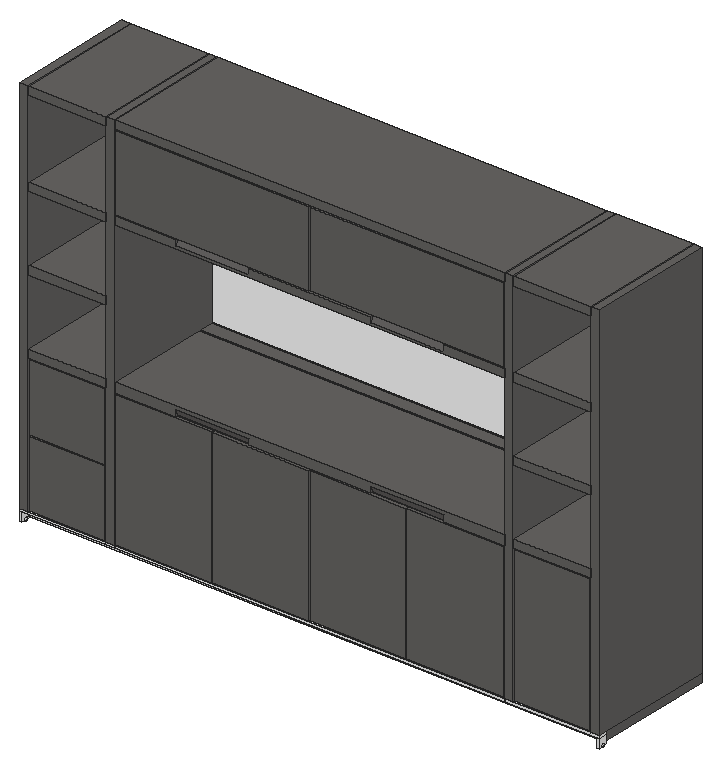
Revit family "Storage-Wall-Teknion-ZXDS_74_High_With_Lights-R2011", category Furniture Systems, Revit 2013
Parameters (values of type "(See Type Catalog)")
  Working Wall Finish [instance] = Glass - Teknion - K6 - White Backpainted
  Width = 108 105/128"
  Warranty = "http://www.teknionstudio.com/pdfs/Teknion%20Studio%20Warranty.pdf"
  Wall Unit Finish [instance] = Veneer - Teknion - P7 - Grey Oak
  Voltage = 120 V
  Unit Weight = 740.00 lbf
  URL = "www.teknionstudio.com"
  Left Tabletop Cutout Offset = if(Has Left Double Doors, 0", 4")  # 0"
  Right Tabletop Cutout Offset = if(Has Right Double Doors, 0", 5")  # 0"
  Right Storage Tower = Storage-Unit-Teknion-Tower : Upper Shelves & Lower Door
  Left Storage Tower = Storage-Unit-Teknion-Tower : Upper Shelves & File/File Pedestal
  Series = "B&B Italia"
  Product Page URL = "http://www.teknionstudio.com/acexecutive/"
  Product Line = "AC Executive"
  Product Documentation Link = "http://www.teknionstudio.com/pricing/ac_executive_storage_walls_ppg.pdf"
  Power Factor = 1
  Part Number = "ZXDS"
  Number of Poles = 1
  Model = ""
  Manufacturer Phone = "919-464-2920"
  Manufacturer Fax = "919-464-2927"
  Manufacturer Email = "customersupport@teknionstudio.com"
  Manufacturer Address = "3940 US 70 Business HWY West, Clayton, NC 27520"
  Manufacturer = "Teknion Studio"  # constant formula
  Low Emitting Material = yes
  Low Emitting Finish = yes
  Height = 73.81394"
  Has Right File File Drawers = not(Has Right Double Doors)  # no
  Has Right Double Doors = yes
  Has Left File File Drawers = not(Has Left Double Doors)  # no
  Has Left Double Doors = yes
  Description = ""
  Depth = 24"
  Assembly Code = "E2020200"
  Apparent Load = 22.8 VA
Reference planes (in)
  plane 1 "Center F/B": y = 0
  plane 2: z = 0
  plane 3 "Back": y = 12
  plane 4 "Front": y = -12
  plane 5 "Top": z = 73.81394
  plane 6: x = 28.60504
  plane 7: z = 29.68402
  plane 8: z = 56.1289
  plane 9: x = -44.78207
  plane 10: z = 2.1289
  plane 11 "Center L/R": x = -8.08858
  plane 12 "Foot Centerline": y = -11.2126
  plane 13 "Tabletop Cutout": y = -12
  plane 14 "Foot Centerline Front": y = -10.22835
  plane 15 "Foot Centerline Back": y = 10.22835
  plane 16: y = -8.484
  plane 17 "Left": x = -62.49874
  plane 18 "Right": x = 46.32157
  plane 19: y = -12
Forms (in)
  Sweep 1, solid, material "Metal - Teknion - C6 - Chrome"
    path origin (0, 0, 0) x (1, 0, 0) y (0, 0, 1)
      loop
        line (-44.78207, 2.1289) -> (28.60504, 2.1289)
    profile origin (-8.08852, 0, 2.1289) x (0, 0, 1) y (0, -1, 0)
      loop
        line (0, 12) -> (-0.394, 12) -> (-0.394, 10.4252) -> (0, 10.4252) -> (0, 12)
  Sweep 2, solid, material "Metal - Teknion - C6 - Chrome"
    path origin (0, 0, 0) x (1, 0, 0) y (0, 0, 1)
      loop
        line (-44.78207, 2.1289) -> (28.60504, 2.1289)
    profile origin (-8.08852, 0, 2.1289) x (0, 0, 1) y (0, -1, 0)
      loop
        line (-0.394, 10.6222) -> (-1.5748, 10.6222) -> (-1.5748, 10.4252) -> (-0.394, 10.4252) -> (-0.394, 10.6222)
  Sweep 3, solid, material "Veneer - Teknion - P7 - Grey Oak" <- "Wall Unit Finish"
    path origin (0, 0, 0) x (1, 0, 0) y (0, 0, 1)
      loop
        line (-44.78207, 29.68402) -> (28.60504, 29.68402)
    profile origin (-8.08852, 0, 29.68402) x (0, 0, 1) y (0, -1, 0)
      loop
        line (0, 12) -> (-1.7638, 12) -> (-1.7638, -7.11393) -> (-5.30827, -7.11393) -> (-5.30827, -11.25) -> (-29.0945, -11.25) -> (-29.0945, -12) -> (44.12992, -12) -> (44.12992, 12) -> (42.59022, 12) -> (42.59022, 11.2126) -> (27.98392, 11.2126) -> (27.98392, 12) -> (26.44488, 12) -> (26.44488, -10.94094) -> (0, -10.94094) -> (0, -10.90969) -> (-0.72441, -10.90969) -> (-0.72441, -10.56693) -> (0, -10.56693) -> (0, -8.05709) -> (-0.72441, -8.05709) -> (-0.72441, -7.80709) -> (0, -7.80709) -> (0, 12)
  Sweep 4, solid, material "Veneer - Teknion - P7 - Grey Oak" <- "Wall Unit Finish"
    path origin (0, 0, 0) x (1, 0, 0) y (0, 0, 1)
      loop
        line (-44.78207, 29.68402) -> (28.60504, 29.68402)
    profile origin (-8.08852, 0, 29.68402) x (0, 0, 1) y (0, -1, 0)
      loop
        line (-1.7638, 11.27559) -> (-27.55512, 11.27559) -> (-27.55512, 10.4252) -> (-29.0945, 10.4252) -> (-29.0945, -11.25) -> (-1.7638, -11.25) -> (-1.7638, 11.27559)
  Sweep 5, solid, material "Veneer - Teknion - P7 - Grey Oak" <- "Wall Unit Finish"
    path origin (0, 0, 15.40683) x (-1, 0, 0) y (0, -1, 0)
      loop
        line (16.17717, 12) -> (16.17717, 11.276)
    profile origin (-16.17717, -11.638, 15.40683) x (-1, 0, 0) y (0, 0, 1)
      loop
        line (28.35376, 42.5111) -> (28.35376, 56.6174) -> (-7.96416, 56.6174) -> (-7.96416, 42.5111) -> (28.35376, 42.5111)
      loop
        line (-8.21416, 56.6174) -> (-44.5322, 56.6174) -> (-44.5322, 42.5111) -> (-8.21416, 42.5111) -> (-8.21416, 56.6174)
  Sweep 6, solid, material "Veneer - Teknion - P7 - Grey Oak" <- "Wall Unit Finish", visible <- "Has Right Double Doors"
    path origin (0, 0, 15.40683) x (-1, 0, 0) y (0, -1, 0)
      loop
        line (16.17717, 12) -> (16.17717, 11.276)
    profile origin (-16.17717, -11.638, 15.40683) x (-1, 0, 0) y (0, 0, 1)
      loop
        line (-44.5322, 12.26339) -> (-44.5322, -13.03482) -> (-26.41531, -13.03482) -> (-26.41531, 12.26339) -> (-44.5322, 12.26339)
      loop
        line (-26.16531, 12.26339) -> (-26.16531, -13.03482) -> (-8.21358, -13.03482) -> (-8.21358, 12.26339) -> (-26.16531, 12.26339)
  Sweep 7, solid, material "Veneer - Teknion - P7 - Grey Oak" <- "Wall Unit Finish", visible <- "Has Right File File Drawers"
    path origin (0, 0, 15.40683) x (-1, 0, 0) y (0, -1, 0)
      loop
        line (16.17717, 12) -> (16.17717, 11.276)
    profile origin (-16.17717, -11.638, 15.40683) x (-1, 0, 0) y (0, 0, 1)
      loop
        line (-44.5315, 12.26339) -> (-44.5315, 0.01144) -> (-8.21358, 0.01144) -> (-8.21358, 12.26339) -> (-44.5315, 12.26339)
      loop
        line (-8.21358, -0.77597) -> (-44.5315, -0.77597) -> (-44.5315, -13.03482) -> (-8.21358, -13.03482) -> (-8.21358, -0.77597)
  Sweep 8, void
    path origin (0, 0, 0) x (1, 0, 0) y (0, 0, 1)
      loop
        line (3.34896, 29.68402) -> (17.12848, 29.68402)
    profile origin (10.23872, 0, 29.68402) x (0, 0, 1) y (0, -1, 0)
      loop
        line (-1.7638, 12) -> (-1.7638, 11.52756) -> (-0.66143, 12) -> (-1.7638, 12)
  Sweep 9, void
    path origin (0, 0, 0) x (1, 0, 0) y (0, 0, 1)
      loop
        line (-33.3248, 56.1289) -> (-19.54528, 56.1289)
    profile origin (-26.43504, 0, 56.1289) x (0, 0, 1) y (0, -1, 0)
      loop
        line (1.53937, 12) -> (0.43699, 12) -> (1.53937, 11.52755) -> (1.53937, 12)
  Sweep 10, void
    path origin (0, 0, 0) x (1, 0, 0) y (0, 0, 1)
      loop
        line (3.36811, 56.1289) -> (17.14764, 56.1289)
    profile origin (10.25787, 0, 56.1289) x (0, 0, 1) y (0, -1, 0)
      loop
        line (1.53937, 11.52755) -> (1.53937, 12) -> (0.43699, 12) -> (1.53937, 11.52755)
  Sweep 11, void
    path origin (0, 0, 0) x (1, 0, 0) y (0, 1, 0)
      loop
        line (-8.08858, 12) -> (-8.08858, 11.25)
    profile origin (-8.08858, 11.625, 0) x (1, 0, 0) y (0, 0, 1)
      loop
        line (32.75666, 25.86173) -> (32.75666, 26.43423)
        arc (32.75666, 26.43423) -> (32.58092, 26.8585) -> (32.15666, 27.03423) r 0.6
        line (32.15666, 27.03423) -> (30.40353, 27.03423)
        arc (30.40353, 27.03423) -> (29.97927, 26.8585) -> (29.80353, 26.43423) r 0.6
        line (29.80353, 26.43423) -> (29.80353, 25.86173)
        arc (29.80353, 25.86173) -> (29.97927, 25.43747) -> (30.40353, 25.26173) r 0.6
        line (30.40353, 25.26173) -> (32.15666, 25.26173)
        arc (32.15666, 25.26173) -> (32.58092, 25.43747) -> (32.75666, 25.86173) r 0.6
      loop
        line (32.75666, 4.2289) -> (32.75666, 4.8014)
        arc (32.75666, 4.8014) -> (32.58092, 5.22566) -> (32.15666, 5.4014) r 0.6
        line (32.15666, 5.4014) -> (30.40353, 5.4014)
        arc (30.40353, 5.4014) -> (29.97927, 5.22566) -> (29.80353, 4.8014) r 0.6
        line (29.80353, 4.8014) -> (29.80353, 4.2289)
        arc (29.80353, 4.2289) -> (29.97927, 3.80464) -> (30.40353, 3.6289) r 0.6
        line (30.40353, 3.6289) -> (32.15666, 3.6289)
        arc (32.15666, 3.6289) -> (32.58092, 3.80464) -> (32.75666, 4.2289) r 0.6
      loop
        arc (-32.75666, 25.86173) -> (-32.58092, 25.43747) -> (-32.15666, 25.26173) r 0.6
        line (-32.15666, 25.26173) -> (-30.40353, 25.26173)
        arc (-30.40353, 25.26173) -> (-29.97927, 25.43747) -> (-29.80353, 25.86173) r 0.6
        line (-29.80353, 25.86173) -> (-29.80353, 26.43423)
        arc (-29.80353, 26.43423) -> (-29.97927, 26.8585) -> (-30.40353, 27.03423) r 0.6
        line (-30.40353, 27.03423) -> (-32.15666, 27.03423)
        arc (-32.15666, 27.03423) -> (-32.58092, 26.8585) -> (-32.75666, 26.43423) r 0.6
        line (-32.75666, 26.43423) -> (-32.75666, 25.86173)
      loop
        arc (-32.75666, 4.2289) -> (-32.58092, 3.80464) -> (-32.15666, 3.6289) r 0.6
        line (-32.15666, 3.6289) -> (-30.40353, 3.6289)
        arc (-30.40353, 3.6289) -> (-29.97927, 3.80464) -> (-29.80353, 4.2289) r 0.6
        line (-29.80353, 4.2289) -> (-29.80353, 4.8014)
        arc (-29.80353, 4.8014) -> (-29.97927, 5.22566) -> (-30.40353, 5.4014) r 0.6
        line (-30.40353, 5.4014) -> (-32.15666, 5.4014)
        arc (-32.15666, 5.4014) -> (-32.58092, 5.22566) -> (-32.75666, 4.8014) r 0.6
        line (-32.75666, 4.8014) -> (-32.75666, 4.2289)
  Sweep 12, solid, material "Veneer - Teknion - P7 - Grey Oak" <- "Wall Unit Finish", visible <- "Has Left File File Drawers"
    path origin (-36.67323, 0, 15.40683) x (-1, 0, 0) y (0, -1, 0)
      loop
        line (-28.58465, 12) -> (-28.58465, 11.276)
    profile origin (-8.08858, -11.638, 15.40683) x (-1, 0, 0) y (0, 0, 1)
      loop
        line (36.44291, 12.26339) -> (0.125, 12.26339) -> (0.125, 0.01144) -> (36.44291, 0.01144) -> (36.44291, 12.26339)
      loop
        line (0.125, -0.77597) -> (0.125, -13.03482) -> (36.44291, -13.03482) -> (36.44291, -0.77597) -> (0.125, -0.77597)
  Sweep 13, solid, material "Veneer - Teknion - P7 - Grey Oak" <- "Wall Unit Finish", visible <- "Has Left Double Doors"
    path origin (-36.6535, 0, 15.40683) x (-1, 0, 0) y (0, -1, 0)
      loop
        line (-28.56492, 12) -> (-28.56492, 11.276)
    profile origin (-8.08858, -11.638, 15.40683) x (-1, 0, 0) y (0, 0, 1)
      loop
        line (0.125, 12.26339) -> (0.125, -13.03482) -> (18.15924, -13.03482) -> (18.15924, 12.26339) -> (0.125, 12.26339)
      loop
        line (18.40924, 12.26339) -> (18.40924, -13.03482) -> (36.44349, -13.03482) -> (36.44349, 12.26339) -> (18.40924, 12.26339)
  Sweep 14, void
    path origin (-35.79532, 0, 0) x (1, 0, 0) y (0, 0, 1)
      loop
        line (2.47023, 29.68402) -> (16.24976, 29.68402)
    profile origin (-26.43533, 0, 29.68402) x (0, 0, 1) y (0, -1, 0)
      loop
        line (-1.7638, 12) -> (-1.7638, 11.52756) -> (-0.66143, 12) -> (-1.7638, 12)
Cuts and joins
  joined: Sweep 1, Sweep 2
  Sweep 8, Sweep 9, Sweep 10, Sweep 11, Sweep 14 cuts Sweep 3
Lines and regions (in)
  Masking region 1
    outline origin (0, 0, 15.40683) x (-1, 0, 0) y (0, -1, 0)
      loop
        line (44.78207, -12) -> (44.78207, 12) -> (-28.60504, 12) -> (-28.60504, -12) -> (44.78207, -12)
  symbolic lines, style "Elevation Swing"
    curve 1: line (-44.78207, -12, 57.66827) -> (-26.43533, -12, 72.02424)
    curve 2: line (-8.08858, -12, 57.66832) -> (-26.43533, -12, 72.02424)
    curve 3: line (-8.08858, 0, 57.66832) -> (10.19601, 0, 72.02424)
    curve 4: line (10.19601, 0, 72.02424) -> (28.60504, 0, 57.66827)
  symbolic lines, style "Elevation Swing", visible <- "Has Right Double Doors"
    curve 5: line (9.98815, 0, 27.67022) -> (-7.96358, 0, 15.02111)
    curve 6: line (-7.96358, 0, 15.02111) -> (9.98815, 0, 2.37201)
    curve 7: line (10.23815, 0, 2.37201) -> (28.3549, 0, 15.02456)
    curve 8: line (28.3549, 0, 15.02456) -> (10.23815, 0, 27.67022)
  symbolic lines, detail levels medium+fine
    curve 9: line (-8.08852, 12, 15.40683) -> (-8.08852, -12, 15.40683)
  symbolic lines, style "FurnitureSystemsHiddenLines", detail levels fine
    curve 10: line (28.6049, -11.276, 15.40683) -> (-44.78207, -11.276, 15.40683)
    curve 15: line (28.6049, 12, 15.40683) -> (28.6049, -12, 15.40683)
  symbolic lines, visible <- "Has Right Double Doors"
    curve 11: arc (10.25826, -12, 15.40683) -> (15.63187, -24.97304, 15.40683) -> (28.6049, -30.34664, 15.40683) r 18.34664
    curve 12: line (-8.08852, -12, 15.40683) -> (-8.08852, -30.34678, 15.40683)
    curve 13: line (28.6049, -12, 15.40683) -> (28.6049, -30.34664, 15.40683)
    curve 14: arc (-8.08852, -30.34678, 15.40683) -> (4.88461, -24.97313, 15.40683) -> (10.25826, -12, 15.40683) r 18.34678
  symbolic lines, style "Elevation Swing", visible <- "Has Left Double Doors"
    curve 16: line (-26.24783, 0, 2.37201) -> (-8.21358, 0, 15.02111)
    curve 17: line (-8.21358, 0, 15.02111) -> (-26.24783, 0, 27.67022)
    curve 18: line (-26.49783, 0, 27.67022) -> (-44.53207, 0, 15.02111)
    curve 19: line (-44.53207, 0, 15.02111) -> (-26.49783, 0, 2.37201)
  symbolic lines, visible <- "Has Left Double Doors"
    curve 20: arc (-26.43529, -12, 15.40683) -> (-31.80894, -24.97313, 15.40683) -> (-44.78207, -30.34678, 15.40683) r 18.34678
    curve 21: line (-8.08852, -12, 15.40683) -> (-8.08852, -30.34678, 15.40683)
    curve 22: line (-44.78207, -12, 15.40683) -> (-44.78207, -30.34678, 15.40683)
    curve 23: arc (-8.08852, -30.34678, 15.40683) -> (-21.06165, -24.97313, 15.40683) -> (-26.43529, -12, 15.40683) r 18.34678
Dimensions and locks (in)
  equal spacing: plane 3 "Back", plane 1 "Center F/B", plane 4 "Front"
  "Depth": plane 3 "Back" to plane 4 "Front"
  "Height": plane 5 "Top" to plane 2
  locked: plane 7 to plane 2 at 29.68402
  locked: plane 8 to plane 7 at 26.44488
  locked: plane 10 to plane 2 at 2.1289
  locked: plane 10 to Sweep 2 sketch curve at 0.394
  locked: Sweep 2 sketch curve to Sweep 2 sketch curve at 1.1808
  plane 4 "Front" to Sweep 2 sketch curve to Sweep 2 sketch curve = 1.3778" locked, 0.197" locked
  locked: plane 4 "Front" to plane 12 "Foot Centerline" at 0.7874
  locked: plane 10 to Sweep 3 sketch curve at 1.53939
  locked: plane 7 to Sweep 3 sketch curve at 1.7638
  Sweep 4 sketch curve to Sweep 4 sketch curve to plane 3 "Back" = 22.52559" locked, 3/4" locked
  locked: plane 7 to Sweep 4 sketch curve at 1.7638
  locked: plane 4 "Front" to Sweep 4 sketch curve at 1.5748
  locked: plane 4 "Front" to Sweep 5 sketch curve at 0.724
  plane 5 "Top" to Sweep 5 sketch curve to Sweep 5 sketch curve = 1.7897" locked, 14.1063" locked  (x2)
  Sweep 5 sketch curve to Sweep 5 sketch curve to Sweep 5 sketch curve to Sweep 5 sketch curve = 36.31805", 1/4", 36.31791"
  locked: plane 4 "Front" to Sweep 6 sketch curve at 0.724
  locked: plane 4 "Front" to Sweep 7 sketch curve at 0.724
  locked: Sweep 8 sketch curve to Sweep 8 sketch curve at 13.77953
  locked: plane 7 to Sweep 8 sketch curve at 1.7638
  locked: plane 13 "Tabletop Cutout" to Sweep 8 sketch curve at 0.47244
  locked: Sweep 9 sketch curve to Sweep 9 sketch curve at 13.77953
  locked: Sweep 9 sketch curve to plane 8 at 1.53937
  locked: Sweep 9 sketch curve to plane 8 at 0.43699
  locked: plane 4 "Front" to Sweep 9 sketch curve at 0.47245
  Sweep 10 sketch curve to Sweep 10 sketch curve to plane 8 = 1.10238" locked, 0.43699" locked
  locked: plane 4 "Front" to Sweep 10 sketch curve at 0.47245
  equal spacing: plane 11 "Center L/R", curve 2, plane 9
  equal spacing: plane 6, curve 4, plane 11 "Center L/R"
  locked: plane 4 "Front" to curve 10 at 0.724
  locked: plane 3 "Back" to plane 15 "Foot Centerline Back" at 1.77165
  locked: plane 4 "Front" to plane 14 "Foot Centerline Front" at 1.77165
  locked: plane 4 "Front" to plane 16 at 3.516
  locked: plane 17 "Left" to plane 9 at 17.71667
  locked: Sweep 6 sketch curve to Sweep 6 sketch curve at 25.29821  (x2)
  Sweep 7 sketch curve to Sweep 7 sketch curve to Sweep 7 sketch curve to Sweep 7 sketch curve = 12.25195" locked, 0.7874" locked, 12.25886" locked
  equal spacing: curve 12, curve 14, plane 6
  locked: plane 6 to Sweep 8 sketch curve at 11.47655
  locked: plane 11 "Center L/R" to Sweep 9 sketch curve at 11.45669
  Sweep 10 sketch curve to Sweep 10 sketch curve to plane 11 "Center L/R" = 13.77953" locked, 11.45669" locked
  locked: plane 11 "Center L/R" to Sweep 7 sketch curve at 0.125
  locked: Sweep 7 sketch curve to plane 11 "Center L/R" at 0.125
  locked: plane 7 to Sweep 7 sketch curve at 2.0138
  locked: Sweep 6 sketch curve to plane 11 "Center L/R" at 0.125
  locked: plane 7 to Sweep 6 sketch curve at 2.0138  (x2)
  locked: Sweep 5 sketch curve to plane 6 at 0.25
  locked: plane 6 to plane 18 "Right" at 17.71654
  "Width": plane 17 "Left" to plane 18 "Right"
  equal spacing: plane 17 "Left", plane 11 "Center L/R", plane 18 "Right"
  locked: Sweep 13 sketch curve to Sweep 13 sketch curve at 25.29821  (x2)
  locked: plane 4 "Front" to Sweep 13 sketch curve at 0.724
  locked: plane 11 "Center L/R" to Sweep 13 sketch curve at 0.125
  locked: plane 9 to Sweep 13 sketch curve at 0.25
  Sweep 13 sketch curve to Sweep 13 sketch curve = 18.03424"  (x2)
  locked: Sweep 13 sketch curve to Sweep 13 sketch curve at 0.25
  locked: Sweep 13 sketch curve to plane 10 at 0.24311  (x2)
  locked: plane 4 "Front" to Sweep 12 sketch curve at 0.724
  locked: Sweep 12 sketch curve to plane 10 at 0.24311
  Sweep 12 sketch curve to Sweep 12 sketch curve to Sweep 12 sketch curve to Sweep 12 sketch curve = 12.25195" locked, 0.7874" locked, 12.25886" locked
  locked: Sweep 12 sketch curve to plane 9 at 0.25057
  locked: plane 9 to Sweep 12 sketch curve at 0.25057
  locked: plane 11 "Center L/R" to Sweep 12 sketch curve at 0.125  (x2)
  locked: Sweep 7 sketch curve to plane 6 at 0.25071
  locked: plane 6 to Sweep 7 sketch curve at 0.25071
  plane 6 to Sweep 6 sketch curve = 1/4"
  locked: Sweep 6 sketch curve to Sweep 6 sketch curve at 0.25
  locked: Sweep 14 sketch curve to Sweep 14 sketch curve at 13.77953
  locked: plane 11 "Center L/R" to Sweep 14 sketch curve at 11.45698
  "Right Tabletop Cutout Offset": plane 13 "Tabletop Cutout" to plane 4 "Front"
  "Left Tabletop Cutout Offset": plane 19 to plane 4 "Front"
  equal spacing: curve 22, curve 23, curve 12
  plane 7 to Sweep 14 sketch curve to Sweep 14 sketch curve = 0.66143" locked, 1.10236" locked
  locked: Sweep 14 sketch curve to plane 19 at 0.47244
  locked: plane 3 "Back" to Sweep 3 sketch curve at 0.75
  locked: plane 3 "Back" to Sweep 3 sketch curve at 4.88607
  locked: Sweep 3 sketch curve to plane 7 at 5.30827
  locked: plane 3 "Back" to Sweep 11 sketch curve at 0.75
  plane 6 to Sweep 11 sketch curve to Sweep 11 sketch curve = 3.93696" locked, 2 61/64" locked  (x2)
  Sweep 11 sketch curve to Sweep 11 sketch curve to plane 9 = 2 61/64" locked, 3.93683" locked  (x2)
  plane 7 to Sweep 11 sketch curve to Sweep 11 sketch curve = 2.64978" locked, 1.7725" locked
  Sweep 11 sketch curve to Sweep 11 sketch curve to plane 10 = 1.7725" locked, 1 1/2" locked  (x2)
  locked: plane 10 to Sweep 4 sketch curve at 1.53939
  aligned and locked: level to plane 2
  aligned and locked: Sweep 1 sketch curve to plane 10  (x2)
  aligned and locked: Sweep 1 sketch curve to plane 4 "Front"
  aligned and locked: Sweep 2 sketch curve to plane 10
  aligned and locked: plane 9 to Sweep 3 sketch curve
  aligned and locked: plane 6 to Sweep 3 sketch curve
  aligned and locked: Sweep 3 sketch curve to plane 7  (x4)
  aligned and locked: Sweep 3 sketch curve to plane 4 "Front"
  aligned and locked: plane 3 "Back" to Sweep 3 sketch curve
  aligned and locked: Sweep 4 sketch curve to plane 7
  aligned and locked: plane 10 to Sweep 4 sketch curve
  aligned and locked: plane 4 "Front" to Sweep 5 sketch curve
  aligned and locked: Sweep 3 sketch curve to plane 8
  aligned and locked: plane 4 "Front" to Sweep 6 sketch curve
  aligned and locked: plane 4 "Front" to Sweep 7 sketch curve
  aligned and locked: Sweep 8 sketch curve to plane 7
  aligned and locked: plane 13 "Tabletop Cutout" to Sweep 8 sketch curve
  aligned and locked: Sweep 9 sketch curve to plane 8
  aligned and locked: Sweep 10 sketch curve to plane 8
  aligned and locked: Sweep 10 sketch curve to plane 4 "Front"
  aligned and locked: plane 9 to curve 1
  aligned and locked: plane 11 "Center L/R" to curve 2
  aligned and locked: Sweep 5 to curve 2
  aligned and locked: plane 6 to curve 4
  aligned and locked: Masking region 1 sketch curve to plane 3 "Back"
  aligned and locked: Masking region 1 sketch curve to plane 4 "Front"
  aligned and locked: plane 3 "Back" to curve 9
  aligned and locked: plane 4 "Front" to curve 9
  aligned and locked: plane 3 "Back" to curve 15
  aligned and locked: plane 4 "Front" to curve 15
  aligned and locked: Sweep 3 sketch curve to plane 5 "Top"
  aligned and locked: plane 12 "Foot Centerline" to Sweep 3 sketch curve
  aligned and locked: plane 4 "Front" to Sweep 3 sketch curve  (x2)
  aligned and locked: plane 4 "Front" to curve 14
  aligned: plane 8 to nested 1
  aligned: plane 11 "Center L/R" to nested 1
  aligned and locked: nested 1 to plane 16
  aligned and locked: plane 8 to nested 1
  aligned and locked: plane 11 "Center L/R" to nested 1
  aligned and locked: plane 9 to Masking region 1 sketch curve
  aligned and locked: plane 1 "Center F/B" to Sweep 4 sketch curve
  aligned: plane 11 "Center L/R" to Sweep 4 sketch curve
  aligned and locked: plane 6 to Sweep 4 sketch curve
  aligned and locked: nested 2 to plane 2
  aligned and locked: Sweep 6 to curve 7
  aligned and locked: curve 6 to Sweep 6
  aligned and locked: curve 8 to Sweep 6
  aligned and locked: Sweep 6 to curve 5
  aligned and locked: Sweep 6 to Sweep 6
  aligned and locked: Sweep 6 to curve 6
  aligned and locked: curve 7 to Sweep 6
  aligned and locked: Sweep 6 to curve 8
  aligned and locked: plane 9 to nested 2
  aligned and locked: nested 2 to plane 1 "Center F/B"
  aligned and locked: Masking region 1 sketch curve to plane 6
  aligned and locked: plane 1 "Center F/B" to nested 3
  aligned and locked: nested 3 to plane 6
  aligned and locked: plane 2 to nested 3
  aligned and locked: plane 6 to Sweep 1 sketch curve
  aligned and locked: Sweep 13 to Sweep 13
  aligned and locked: plane 9 to Sweep 4 sketch curve
  aligned and locked: plane 4 "Front" to Sweep 13 sketch curve
  aligned and locked: plane 11 "Center L/R" to Sweep 13 sketch curve
  aligned and locked: plane 11 "Center L/R" to Sweep 12 sketch curve
  aligned and locked: plane 4 "Front" to Sweep 12 sketch curve
  aligned and locked: Sweep 13 to curve 19  (x2)
  aligned and locked: curve 16 to Sweep 13
  aligned and locked: curve 18 to Sweep 13
  aligned and locked: Sweep 14 sketch curve to plane 7
  aligned and locked: curve 22 to plane 9
  aligned and locked: curve 12 to curve 23
  aligned and locked: curve 22 to curve 22
  aligned and locked: Sweep 14 sketch curve to plane 19
  aligned and locked: plane 9 to Sweep 1 sketch curve
  aligned and locked: Sweep 11 sketch curve to plane 11 "Center L/R"
  aligned and locked: plane 3 "Back" to Sweep 11 sketch curve
  aligned and locked: plane 9 to Sweep 2 sketch curve
  aligned and locked: plane 6 to Sweep 2 sketch curve
  aligned and locked: Sweep 5 to curve 4
  aligned and locked: Sweep 7 to curve 6
  aligned and locked: Sweep 7 to curve 5
  aligned and locked: plane 9 to curve 10
Automatic sketch dimensions
  Sweep 4 sketch curve to plane 11 "Center L/R" = 36.69349"
  Sweep 4 sketch curve to plane 6 = 0"
  plane 8 to curve 2 = 1.53942"
  plane 8 to curve 1 = 1.53937"
  profile plane to Sweep 1 sketch curve = 0.394"
  Sweep 1 sketch curve to Sweep 1 sketch curve = 1.5748"
  profile plane to Sweep 3 sketch curve = 0.72441"  (x2)
  Sweep 3 sketch curve to Sweep 3 sketch curve = 1.53904"
  Sweep 3 sketch curve to Sweep 3 sketch curve = 1.5397"
  Sweep 3 sketch curve to Sweep 3 sketch curve = 1.05906"
  Sweep 3 sketch curve to Sweep 3 sketch curve = 1/32"
  Sweep 3 sketch curve to Sweep 3 sketch curve = 0.34277"
  Sweep 3 sketch curve to Sweep 3 sketch curve = 1/4"
  Sweep 3 sketch curve to Sweep 3 sketch curve = 0.69316"
  Sweep 6 sketch curve to Sweep 6 sketch curve = 17.95173"
  Sweep 6 sketch curve to Sweep 6 sketch curve = 18.11689"
  profile plane to Sweep 8 sketch curve = 0.66143"
  Sweep 9 sketch curve to Sweep 9 sketch curve = 0.47245"
  Sweep 11 sketch curve to Sweep 11 sketch curve = 0"  (x6)
  Sweep 11 sketch curve to Sweep 11 sketch curve = 0.6"  (x6)
  Sweep 11 sketch curve to Sweep 11 sketch curve = 1.75312"
  Sweep 11 sketch curve to Sweep 11 sketch curve = 0.5725"  (x4)
  Sweep 11 sketch curve to Sweep 11 sketch curve = 19.86033"
  curve 3 to plane 11 "Center L/R" = 0"
  curve 19 to curve 16 = 1/4"
  curve 17 to plane 7 = 2.0138"
  curve 18 to curve 17 = 1/4"
  curve 16 to plane 11 "Center L/R" = 1/8"
  plane 11 "Center L/R" to curve 4 = 18.2846"
  curve 7 to plane 6 = 0.25013"
  plane 10 to curve 5 = 12.89222"
  curve 17 to curve 5 = 0"
  plane 10 to curve 18 = 12.89222"
  plane 10 to curve 8 = 12.89566"
  plane 8 to curve 4 = 1.53937"
  plane 8 to curve 3 = 1.53942"
  curve 14 to curve 23 = 0"
  plane 4 "Front" to curve 20 = 0"
  plane 4 "Front" to curve 22 = 0"
  curve 11 to curve 14 = 0"
  curve 15 to plane 6 = 0.00013"
  curve 20 to curve 23 = 0"
  plane 9 to curve 18 = 18.28424"
  plane 9 to curve 19 = 18.28424"
  Sweep 5 sketch curve to plane 11 "Center L/R" = 8.08858"
  Sweep 6 sketch curve to plane 11 "Center L/R" = 8.08858"
  Sweep 7 sketch curve to plane 11 "Center L/R" = 8.08858"
Nested families (in)
  nested 1: "Lighting-Teknion-Storage_Wall" at (-8.08858, 0.12401, 56.1289), type "Lighting-Teknion-Storage_Wall"
  nested 2: "Storage-Unit-Teknion-Tower" at (-53.64034, 0, 0) x (-1, 0, 0) z (0, 0, 1), type <- "Left Storage Tower", Height <- "Height", type "Upper Shelves & File/File Pedestal"
    with Height 73.81394", Has Top Shelf no, Has Right Leg yes, Has Left Leg no, Bottom Drawer Height 13.047"
  nested 3: "Storage-Unit-Teknion-Tower" at (37.46331, 0, 0), type <- "Right Storage Tower", Height <- "Height", type "Upper Shelves & Lower Door"
    with Height 73.81394", Has Top Shelf no, Has Right Leg yes, Has Left Leg no, Bottom Drawer Height 26.016"
Connectors (in)
  electrical at (-8.08852, 12, 37.20172), driven by "Number of Poles", driven by "Voltage", driven by "Apparent Load", driven by "Power Factor"
    settings: on cut or joined group of Sweep 3, Sweep 8, Sweep 9, Sweep 10, Sweep 11, Sweep 14, index 1, voltage 120 V, apparent load 0 VA, apparent load phase1 22.8 VA, apparent load phase2 0 VA, apparent load phase3 0 VA, power factor 1, load classification "Other", number of poles 1, system type 31, power factor state 1, is connector primary yes, connector utility no, sub classification motor no, connector description "Electrical Connector"
Definition of nested family "Lighting-Teknion-Storage_Wall"
  Parameters (values of type "Lighting-Teknion-Storage_Wall")
    Wattage = 4.03926 W
    built-in parameter 1150110 = 1 (stored number, unit not read)
    built-in parameter 1114217 = 1 (stored number, unit not read)
    built-in parameter 1150109 = 1 (stored number, unit not read)
    built-in parameter 1150134 = 1
    built-in parameter 1150113 = 1 (stored number, unit not read)
    Offset From Reference Level = 0"
    Lumens = 600 lm
    built-in parameter 1150115 = 1 (stored number, unit not read)
    built-in parameter 1150105 = 190.99 (stored number, unit not read)
    Light Source Symbol Size = 3"
    built-in parameter 1150137 = (empty or 0)
    built-in parameter 1150139 = (empty or 0)
    built-in parameter 1150112 = 1 (stored number, unit not read)
    built-in parameter 1150114 = 1 (stored number, unit not read)
    built-in parameter 1150132 = 2
    built-in parameter 1150102 = (empty or 0)
    built-in parameter 1150138 = (empty or 0)
    built-in parameter 1150107 = 6500 (stored number, unit not read)
    built-in parameter 1150106 = 1.9099 (stored number, unit not read)
    Emit from Line Length = 68"
    built-in parameter 1150104 = 13.8 (stored number, unit not read)
    Dimming Lamp Color Temperature Shift = 1
    Default Elevation = 48"
    Color Filter = 16776172
    built-in parameter 1114218 = 1 (stored number, unit not read)
    built-in parameter 1150133 = 10 (stored number, unit not read)
    Assembly Code = ""
  Reference planes (in)
    plane 1 "Light Source Axis (F/B)": y = -8.60801
    plane 2: z = 0
    plane 3 "Light Source Axis (L/R)": x = 0
    plane 4 "Light Source Elevation": z = 0
    plane 5: z = 0
    plane 6: x = -36.6875
    plane 7: x = 36.6875
  Forms (in)
    Sweep 1, solid, material "Glass - Teknion - CL - Clear"
      path origin (0, 0, 0) x (1, 0, 0) y (0, 1, 0)
        loop
          line (-36.6875, -8.60801) -> (36.6875, -8.60801)
      profile origin (0, -8.60801, 0) x (0, 1, 0) y (0, 0, 1)
        loop
          line (-0.51562, 0) -> (-0.51562, -0.40625) -> (0.51563, -0.40625) -> (0.51563, 0) -> (-0.51562, 0)
  Dimensions and locks (in)
    equal spacing: plane 7, plane 3 "Light Source Axis (L/R)", plane 6
    locked: plane 7 to plane 6 at 73.375
    locked: plane 5 to Sweep 1 sketch curve at 0.40625
    equal spacing: Sweep 1 sketch curve, plane 1 "Light Source Axis (F/B)", Sweep 1 sketch curve
    locked: Sweep 1 sketch curve to Sweep 1 sketch curve at 1.03125
    aligned and locked: plane 3 "Light Source Axis (L/R)" to imposter light
    aligned and locked: plane 1 "Light Source Axis (F/B)" to imposter light
    aligned and locked: plane 4 "Light Source Elevation" to imposter light
    aligned and locked: level to plane 5
    aligned and locked: plane 5 to plane 2
    aligned and locked: plane 6 to Sweep 1 sketch curve
    aligned and locked: plane 7 to Sweep 1 sketch curve
    aligned and locked: plane 1 "Light Source Axis (F/B)" to Sweep 1 sketch curve
    aligned and locked: Sweep 1 sketch curve to profile plane
Definition of nested family "Storage-Unit-Teknion-Tower"
  Parameters (values of type "Upper Wardrobe & Lower Door")
    Width = 17.71654"
    Warranty = "http://www.teknionstudio.com/pdfs/Teknion%20Studio%20Warranty.pdf"
    Wall Unit Finish = Veneer - Teknion - P8 - Light Brushed Oak
    URL = "www.teknionstudio.com"
    Series = "B&B Italia"  # constant formula
    Product Line = "AC Executive"  # constant formula
    Model = ""
    Middle Drawer Height = if(Has Top Drawer, 6.425", 12.719")  # 12.719"
    Manufacturer Phone = "919-464-2920"
    Manufacturer Fax = "919-464-2927"
    Manufacturer Email = "customersupport@teknionstudio.com"
    Manufacturer Address = "3940 US 70 Business HWY West, Clayton, NC 27520"
    Manufacturer = "Teknion Studio"  # constant formula
    Height [instance] = 73.81394"
    Has Top Shelf [instance] = and(Height > 75", Has Shelves)  # no
    Has Top Drawer = no
    Has Top Door = yes
    Has Shelves = no
    Has Right Leg [instance] = yes
    Has Middle Drawer = no
    Has Lower Shelf = yes
    Has Left Leg [instance] = no
    Has Full Wardrobe Door = no
    Has Doors = yes
    Door Projection Symbol = yes
    Description = "Tower Storage Unit"
    Depth = 24"
    Bottom Drawer Height [instance] = if(Has Middle Drawer, 13.047", if(Has Top Drawer, 13.047", if(Has Full Wardrobe Door, (Height - 3.668"), 26.016")))  # 26.016"
    Assembly Code = "E2010200"
  Types (7): name | Middle Drawer Height | Has Top Drawer | Has Top Door | Has Shelves | Has Middle Drawer | Has Lower Shelf | Has Full Wardrobe Door | Has Doors | Door Projection Symbol | Bottom Drawer Height
    Upper Shelves & Lower Door | 12.719" | no | no | yes | no | yes | no | yes | yes | 26.016"
    Upper Shelves & File/File Pedestal | 12.719" | no | no | yes | yes | yes | no | no | no | 13.047"
    Upper Shelves & Box/Box/File Pedestal | 6.425" | yes | no | yes | yes | yes | yes | no | no | 13.047"
    Full Wardrobe | 12.719" | no | no | no | no | no | yes | yes | yes | 70.14594"
    Upper Wardrobe & Lower Door | 12.719" | no | yes | no | no | yes | no | yes | yes | 26.016"
    Upper Wardrobe & File/File Pedestal | 12.719" | no | yes | no | yes | yes | no | no | yes | 13.047"
    Upper Wardrobe & Box/Box/File Pedestal | 6.425" | yes | yes | no | yes | yes | no | no | yes | 13.047"
  Reference planes (in)
    plane 1 "Center F/B": y = 0
    plane 2: z = 0
    plane 3 "Center L/R": x = 0
    plane 4 "Left": x = -8.85827
    plane 5 "Right": x = 8.85827
    plane 6 "Back": y = 12
    plane 7 "Front": y = -12
    plane 8 "Top": z = 73.81394
    plane 9: x = -7.3189
    plane 10: x = 7.3189
    plane 11: z = 2.1289
    plane 12 "Foot Centerline": y = -11.2126
    plane 13: z = 29.68402
    plane 14 "Drawer 1 Top": z = 28.1449
    plane 15 "Drawer 2 Top": z = 40.8639
    plane 16 "Drawer 3 Top": z = 27.89502
    plane 17: z = 42.13677
  Forms (in)
    Sweep 1, solid, material "Metal - Teknion - C6 - Chrome", visible <- "Has Left Leg"
      path origin (0, -12, 0) x (1, 0, 0) y (0, 0, 1)
        loop
          line (-8.85827, 1.7349) -> (-8.85827, 0.05803)
      profile origin (-8.85827, -12, 0.89646) x (0, -1, 0) y (1, 0, 0)
        loop
          line (-1.5748, 0) -> (0, 0) -> (0, 0.394) -> (-1.5748, 0.394) -> (-1.5748, 0)
    Sweep 2, solid, material "Metal - Teknion - C6 - Chrome"
      path origin (0, -12, 0) x (1, 0, 0) y (0, 0, 1)
        loop
          line (-8.85827, 2.1289) -> (8.46427, 2.1289)
      profile origin (-0.197, -12, 2.1289) x (0, 0, 1) y (0, -1, 0)
        loop
          line (-0.394, -1.5748) -> (-0.394, -1.3778) -> (-1.575, -1.3778) -> (-1.575, -1.5748) -> (-0.394, -1.5748)
    Revolve 3, solid, material "Metal - Teknion - C6 - Chrome"
      sketch origin (0, -11.2126, 0) x (0, 0, -1) y (1, 0, 0)
        loop
          line (-0.4911, 8.32677) -> (-0.45173, 8.2874) -> (-0.28492, 8.2874) -> (-0.24555, 8.32677) -> (-0.20618, 8.2874) -> (-0.03937, 8.2874) -> (0, 8.32677) -> (0, 8.66142) -> (-0.4911, 8.66142) -> (-0.4911, 8.32677)
        axis (0, 8.66142) -> (-0.4911, 8.66142)
      angle from 0 to 360
    Revolve 4, solid, material "Metal - Teknion - C6 - Chrome", visible <- "Has Left Leg"
      sketch origin (0, -11.2126, 0) x (0, 0, -1) y (1, 0, 0)
        loop
          line (0, -8.99606) -> (0, -8.66142) -> (-0.4911, -8.66142) -> (-0.4911, -8.99606) -> (-0.45173, -9.03543) -> (-0.28492, -9.03543) -> (-0.24555, -8.99606) -> (-0.20618, -9.03543) -> (-0.03937, -9.03543) -> (0, -8.99606)
        axis (0, -8.66142) -> (-0.4911, -8.66142)
      angle from 0 to 360
    Sweep 5, solid, material "Veneer - Teknion - P8 - Light Brushed Oak" <- "Wall Unit Finish"
      path origin (0, 0, 0) x (1, 0, 0) y (0, 0, 1)
        loop
          line (0, 2.1289) -> (0, 73.81394)
      profile origin (0, 0, 37.97142) x (-1, 0, 0) y (0, -1, 0)
        loop
          line (8.85827, -12) -> (8.85827, 12) -> (7.3189, 12) -> (7.3189, -12) -> (8.85827, -12)
        loop
          line (-7.3189, 12) -> (-8.85827, 12) -> (-8.85827, -12) -> (-7.3189, -12) -> (-7.3189, 12)
    Sweep 6, solid, material "Veneer - Teknion - P8 - Light Brushed Oak" <- "Wall Unit Finish"
      path origin (0, 0, 15.40683) x (-1, 0, 0) y (0, -1, 0)
        loop
          line (0, -12) -> (0, 12)
      profile origin (0, 0, 15.40683) x (1, 0, 0) y (0, 0, 1)
        loop
          line (-7.3189, 58.4071) -> (-7.3189, 56.86773) -> (7.3189, 56.86773) -> (7.3189, 58.4071) -> (-7.3189, 58.4071)
    Sweep 7, solid, material "Veneer - Teknion - P8 - Light Brushed Oak" <- "Wall Unit Finish"
      path origin (0, -12, 0) x (1, 0, 0) y (0, 0, 1)
        loop
          line (0, 2.1289) -> (0, 72.27457)
      profile origin (0, -12, 37.20173) x (-1, 0, 0) y (0, -1, 0)
        loop
          line (7.3189, -24) -> (7.3189, -23.25) -> (-7.3189, -23.25) -> (-7.3189, -24) -> (7.3189, -24)
    Sweep 8, solid, material "Veneer - Teknion - P8 - Light Brushed Oak" <- "Wall Unit Finish", visible <- "Has Lower Shelf"
      path origin (0, -12, 0) x (1, 0, 0) y (0, 0, 1)
        loop
          line (-7.3189, 29.68402) -> (7.3189, 29.68402)
      profile origin (0, -12, 29.68402) x (0, 0, 1) y (0, -1, 0)
        loop
          line (0, 0) -> (-1.539, 0) -> (-1.539, -0.724) -> (-27.55512, -0.724) -> (-27.55512, -23.25) -> (0, -23.25) -> (0, 0)
    Sweep 9, solid, material "Veneer - Teknion - P8 - Light Brushed Oak" <- "Wall Unit Finish"
      path origin (0, -12, 0) x (1, 0, 0) y (0, 0, 1)
        loop
          line (0, 2.3789) -> (0, 27.8949)
      profile origin (0, -12, 15.1369) x (-1, 0, 0) y (0, -1, 0)
        loop
          line (7.0689, -0.724) -> (7.0689, 0) -> (-7.0689, 0) -> (-7.0689, -0.724) -> (7.0689, -0.724)
    Sweep 10, solid, material "Veneer - Teknion - P8 - Light Brushed Oak" <- "Wall Unit Finish", visible <- "Has Middle Drawer"
      path origin (0, -12, 0) x (1, 0, 0) y (0, 0, 1)
        loop
          line (0, 28.1449) -> (0, 40.8639)
      profile origin (0, -12, 34.5044) x (-1, 0, 0) y (0, -1, 0)
        loop
          line (7.0689, -0.724) -> (7.0689, 0) -> (-7.0689, 0) -> (-7.0689, -0.724) -> (7.0689, -0.724)
    Sweep 11, solid, material "Veneer - Teknion - P8 - Light Brushed Oak" <- "Wall Unit Finish", visible <- "Has Top Drawer"
      path origin (0, -12, 0) x (1, 0, 0) y (0, 0, 1)
        loop
          line (0, 47.15802) -> (0, 41.1139)
      profile origin (0, -12, 44.13596) x (0, -1, 0) y (1, 0, 0)
        loop
          line (0, 7.0689) -> (-0.724, 7.0689) -> (-0.724, -7.0689) -> (0, -7.0689) -> (0, 7.0689)
    Sweep 12, solid, material "Veneer - Teknion - P8 - Light Brushed Oak" <- "Wall Unit Finish", visible <- "Has Shelves"
      path origin (0, -12, 0) x (1, 0, 0) y (0, 0, 1)
        loop
          line (0, 42.13677) -> (0, 43.67614)
      profile origin (0, -12, 42.90646) x (-1, 0, 0) y (0, -1, 0)
        loop
          line (7.3189, -23.25) -> (7.3189, 0) -> (-7.3189, 0) -> (-7.3189, -23.25) -> (7.3189, -23.25)
    Sweep 13, solid, material "Veneer - Teknion - P8 - Light Brushed Oak" <- "Wall Unit Finish", visible <- "Has Shelves"
      path origin (0, -12, 13.9918) x (1, 0, 0) y (0, 0, 1)
        loop
          line (0, 42.13677) -> (0, 43.67614)
      profile origin (0, -12, 56.89825) x (-1, 0, 0) y (0, -1, 0)
        loop
          line (7.3189, -23.25) -> (7.3189, 0) -> (-7.3189, 0) -> (-7.3189, -23.25) -> (7.3189, -23.25)
    Sweep 14, solid, material "Veneer - Teknion - P8 - Light Brushed Oak" <- "Wall Unit Finish", visible <- "Has Top Door"
      path origin (0, -12, 0) x (1, 0, 0) y (0, 0, 1)
        loop
          line (0, 29.93402) -> (0, 72.02457)
      profile origin (0, -12, 50.97929) x (-1, 0, 0) y (0, -1, 0)
        loop
          line (7.0689, -0.724) -> (7.0689, 0) -> (-7.0689, 0) -> (-7.0689, -0.724) -> (7.0689, -0.724)
    Sweep 15, solid, material "Veneer - Teknion - P8 - Light Brushed Oak" <- "Wall Unit Finish"
      path origin (0, -12, 0) x (1, 0, 0) y (0, 0, 1)
        loop
          line (-8.85827, 2.1289) -> (8.85827, 2.1289)
      profile origin (0, -12, 2.1289) x (0, 0, 1) y (0, -1, 0)
        loop
          line (0, -1.5748) -> (-1.53937, -1.5748) -> (-1.53937, -24) -> (0, -24) -> (0, -1.5748)
    Sweep 16, solid, material "Veneer - Teknion - P8 - Light Brushed Oak" <- "Wall Unit Finish", visible <- "Has Top Shelf"
      path origin (0, 0, 0) x (1, 0, 0) y (0, 0, 1)
        loop
          line (0, 73.81394) -> (0, 72.27457)
      profile origin (0, 0, 73.04425) x (0, -1, 0) y (1, 0, 0)
        loop
          line (-11.25, -7.3189) -> (12, -7.3189) -> (12, 7.3189) -> (-11.25, 7.3189) -> (-11.25, -7.3189)
    Sweep 17, solid, material "Metal - Teknion - C6 - Chrome"
      path origin (0, 0, 0) x (1, 0, 0) y (0, 0, 1)
        loop
          line (-8.85827, 2.1289) -> (8.85827, 2.1289)
      profile origin (0, 0, 2.1289) x (0, 0, 1) y (0, -1, 0)
        loop
          line (0, 10.4252) -> (0, 12) -> (-0.394, 12) -> (-0.394, 10.4252) -> (0, 10.4252)
    Sweep 18, solid, material "Metal - Teknion - C6 - Chrome"
      path origin (0, 0, 0) x (1, 0, 0) y (0, 0, 1)
        loop
          line (8.85827, 1.7349) -> (8.85827, 0.05803)
      profile origin (8.85827, 0, 0.89646) x (0, -1, 0) y (1, 0, 0)
        loop
          line (10.4252, -0.394) -> (12, -0.394) -> (12, 0) -> (10.4252, 0) -> (10.4252, -0.394)
  Lines and regions (in)
    Masking region 1
      outline origin (0, 0, 15.40683) x (-1, 0, 0) y (0, -1, 0)
        loop
          line (8.85827, -12) -> (8.85827, 12) -> (-8.85827, 12) -> (-8.85827, -12) -> (8.85827, -12)
    symbolic lines, style "FurnitureSystems", detail levels medium+fine
      curve 1: line (-7.3189, 12, 15.40683) -> (-7.3189, -12, 15.40683)
      curve 2: line (7.3189, 12, 15.40683) -> (7.3189, -12, 15.40683)
    symbolic lines, style "FurnitureSystemsHiddenLines", detail levels fine
      curve 3: line (-7.3189, -11.276, 15.40683) -> (7.3189, -11.276, 15.40683)
    symbolic lines, style "Elevation Swing", visible <- "Has Doors"
      curve 4: line (-7.3189, -12, 2.1289) -> (7.3189, -12, 15.1369)
      curve 5: line (7.3189, -12, 15.1369) -> (-7.3189, -12, 28.1449)
    symbolic lines, style "Elevation Swing", visible <- "Has Top Door"
      curve 6: line (-7.3189, -12, 29.68402) -> (7.3189, -12, 50.97929)
      curve 7: line (7.3189, -12, 50.97929) -> (-7.3189, -12, 72.27457)
    symbolic lines, style "FurnitureSystems", visible <- "Door Projection Symbol"
      curve 8: arc (-7.3189, -12, 0) -> (-3.03159, -22.35048, 0) -> (7.3189, -26.6378, 0) r 14.6378
    symbolic lines, visible <- "Door Projection Symbol"
      curve 9: line (7.3189, -12, 15.40683) -> (7.3189, -26.6378, 15.40683)
  Dimensions and locks (in)
    equal spacing: plane 4 "Left", plane 3 "Center L/R", plane 5 "Right"
    "Width": plane 4 "Left" to plane 5 "Right"
    equal spacing: plane 6 "Back", plane 1 "Center F/B", plane 7 "Front"
    "Depth": plane 6 "Back" to plane 7 "Front"
    locked: plane 4 "Left" to plane 9 at 1.53937
    locked: plane 10 to plane 5 "Right" at 1.53937
    "Height": plane 8 "Top" to level
    locked: Sweep 1 sketch curve to level at 0.05803
    locked: plane 11 to plane 2 at 2.1289
    plane 11 to Sweep 2 sketch curve to Sweep 2 sketch curve = 0.394" locked, 1.181" locked
    plane 7 "Front" to Sweep 2 sketch curve to Sweep 2 sketch curve = 1.3778" locked, 0.197" locked
    locked: Revolve 3 sketch curve to plane 2 at 0.4911  (x2)
    locked: plane 5 "Right" to Revolve 3 sketch curve at 0.57087
    locked: plane 7 "Front" to plane 12 "Foot Centerline" at 0.7874
    Revolve 3 sketch curve to Revolve 3 sketch curve to Revolve 3 sketch curve to Revolve 3 sketch curve to plane 2 = 0.16681" locked, 0.07874" locked, 0.16681" locked, 0.03937" locked
    locked: Revolve 4 sketch curve to plane 2 at 0.4911  (x2)
    locked: Revolve 4 sketch curve to Revolve 4 sketch curve at 0.37402
    Revolve 4 sketch curve to Revolve 4 sketch curve to Revolve 4 sketch curve to Revolve 4 sketch curve to plane 2 = 0.16681" locked, 0.07874" locked, 0.16681" locked, 0.03937" locked
    locked: Revolve 4 sketch curve to plane 4 "Left" at 0.19685
    locked: plane 8 "Top" to Sweep 6 sketch curve at 1.53937
    locked: plane 8 "Top" to Sweep 7 sketch curve at 1.53937
    locked: plane 6 "Back" to Sweep 7 sketch curve at 0.75
    locked: plane 13 to plane 2 at 29.68402
    locked: plane 7 "Front" to Sweep 8 sketch curve at 0.724
    locked: plane 13 to Sweep 8 sketch curve at 1.539
    locked: plane 13 to plane 16 "Drawer 3 Top" at 1.789
    "Bottom Drawer Height": plane 14 "Drawer 1 Top" to plane 11
    "Middle Drawer Height": plane 15 "Drawer 2 Top" to plane 14 "Drawer 1 Top"
    locked: plane 14 "Drawer 1 Top" to Sweep 9 sketch curve at 0.25
    locked: plane 7 "Front" to Sweep 9 sketch curve at 0.724
    locked: Sweep 10 sketch curve to plane 12 "Foot Centerline" at 0.0634
    locked: plane 7 "Front" to Sweep 11 sketch curve at 0.724
    locked: plane 17 to plane 13 at 12.45276
    group 1 to group 2 = 0"  (x2)
    group 1 to group 2 = 13.9918"
    locked: Sweep 13 to plane 17 at 13.9918
    locked: plane 8 "Top" to Sweep 14 sketch curve at 1.78937
    locked: Sweep 14 sketch curve to plane 13 at 0.25
    locked: plane 7 "Front" to Sweep 14 sketch curve at 0.724
    locked: plane 11 to Sweep 15 sketch curve at 1.53937
    locked: plane 7 "Front" to Sweep 15 sketch curve at 1.5748
    equal spacing: Sweep 6, curve 7, plane 13
    equal spacing: plane 14 "Drawer 1 Top", curve 5, plane 11
    locked: plane 6 "Back" to Sweep 16 sketch curve at 0.75
    Sweep 16 sketch curve to Sweep 16 sketch curve to plane 2 = 1.53937" locked, 72.27457" locked
    locked: Sweep 9 sketch curve to plane 11 at 0.25
    locked: plane 9 to Sweep 9 sketch curve at 0.25
    locked: Sweep 9 sketch curve to plane 10 at 0.25
    locked: Sweep 11 sketch curve to plane 15 "Drawer 2 Top" at 0.25
    locked: plane 9 to Sweep 11 sketch curve at 0.25
    locked: Sweep 11 sketch curve to plane 10 at 0.25
    locked: Sweep 10 sketch curve to plane 10 at 0.25
    locked: plane 9 to Sweep 10 sketch curve at 0.25
    locked: Sweep 11 sketch curve to Sweep 11 sketch curve at 6.04412
    locked: Sweep 14 sketch curve to plane 10 at 0.25
    locked: plane 9 to Sweep 14 sketch curve at 0.25
    locked: plane 4 "Left" to Sweep 1 sketch curve at 0.394
    locked: plane 7 "Front" to Sweep 1 sketch curve at 1.5748
    locked: plane 11 to Sweep 1 sketch curve at 0.394
    locked: Sweep 17 sketch curve to plane 7 "Front" at 1.5748
    locked: plane 11 to Sweep 17 sketch curve at 0.394
    locked: Sweep 18 sketch curve to plane 2 at 0.05803
    locked: Sweep 18 sketch curve to plane 5 "Right" at 0.394
    locked: plane 7 "Front" to Sweep 18 sketch curve at 1.5748
    locked: plane 11 to Sweep 18 sketch curve at 0.394
    locked: plane 5 "Right" to Sweep 2 sketch curve at 0.394
    aligned and locked: level to plane 2
    aligned and locked: Sweep 1 sketch curve to plane 4 "Left"
    aligned and locked: Sweep 2 sketch curve to plane 11
    aligned and locked: plane 2 to Revolve 3 sketch curve
    aligned and locked: Revolve 3 sketch curve to plane 2
    aligned and locked: plane 2 to Revolve 4 sketch curve
    aligned and locked: Revolve 4 sketch curve to plane 2
    aligned and locked: plane 8 "Top" to Sweep 5 sketch curve
    aligned and locked: plane 11 to Sweep 5 sketch curve
    aligned and locked: plane 3 "Center L/R" to Sweep 5 sketch curve
    aligned and locked: Sweep 5 sketch curve to plane 6 "Back"
    aligned and locked: plane 6 "Back" to Sweep 5 sketch curve
    aligned and locked: Sweep 5 sketch curve to plane 10
    aligned and locked: plane 5 "Right" to Sweep 5 sketch curve
    aligned and locked: Sweep 5 sketch curve to plane 9
    aligned and locked: plane 4 "Left" to Sweep 5 sketch curve
    aligned and locked: Sweep 5 sketch curve to plane 7 "Front"
    aligned and locked: plane 7 "Front" to Sweep 5 sketch curve
    aligned and locked: plane 6 "Back" to Sweep 6 sketch curve
    aligned and locked: plane 7 "Front" to Sweep 6 sketch curve
    aligned and locked: Sweep 6 sketch curve to plane 3 "Center L/R"
    aligned and locked: plane 9 to Sweep 6 sketch curve
    aligned and locked: Sweep 6 sketch curve to plane 8 "Top"
    aligned and locked: Sweep 6 sketch curve to plane 10
    aligned and locked: plane 11 to Sweep 7 sketch curve
    aligned and locked: plane 3 "Center L/R" to Sweep 7 sketch curve
    aligned and locked: plane 9 to Sweep 7 sketch curve
    aligned and locked: Sweep 7 sketch curve to plane 10
    aligned and locked: Sweep 7 sketch curve to plane 6 "Back"
    aligned and locked: plane 9 to Sweep 8 sketch curve
    aligned and locked: plane 10 to Sweep 8 sketch curve
    aligned and locked: Sweep 8 sketch curve to plane 13  (x2)
    aligned and locked: plane 7 "Front" to Sweep 8 sketch curve
    aligned and locked: Sweep 8 sketch curve to plane 11
    aligned and locked: plane 3 "Center L/R" to Sweep 9 sketch curve
    aligned and locked: Sweep 9 sketch curve to plane 7 "Front"
    aligned and locked: plane 15 "Drawer 2 Top" to Sweep 10 sketch curve
    aligned and locked: plane 14 "Drawer 1 Top" to Sweep 10 sketch curve
    aligned and locked: plane 3 "Center L/R" to Sweep 10 sketch curve
    aligned and locked: plane 7 "Front" to Sweep 10 sketch curve
    aligned and locked: Sweep 11 sketch curve to plane 3 "Center L/R"
    aligned and locked: Sweep 11 sketch curve to plane 7 "Front"
    aligned and locked: Sweep 13 to plane 9
    aligned and locked: plane 3 "Center L/R" to Sweep 14 sketch curve
    aligned and locked: Sweep 14 sketch curve to plane 7 "Front"
    aligned and locked: plane 4 "Left" to Sweep 15 sketch curve
    aligned and locked: plane 5 "Right" to Sweep 15 sketch curve
    aligned and locked: Sweep 15 sketch curve to plane 11  (x2)
    aligned and locked: Sweep 15 sketch curve to plane 6 "Back"
    aligned and locked: plane 4 "Left" to Masking region 1 sketch curve
    aligned and locked: Masking region 1 sketch curve to plane 6 "Back"
    aligned and locked: Masking region 1 sketch curve to plane 5 "Right"
    aligned and locked: Masking region 1 sketch curve to plane 7 "Front"
    aligned and locked: plane 6 "Back" to curve 1
    aligned and locked: curve 1 to plane 9
    aligned and locked: plane 7 "Front" to curve 2
    aligned and locked: plane 6 "Back" to curve 2
    aligned and locked: curve 2 to plane 10
    aligned and locked: plane 9 to curve 3
    aligned and locked: plane 10 to curve 3
    aligned and locked: curve 3 to Sweep 14
    aligned and locked: plane 11 to curve 4
    aligned and locked: plane 9 to curve 4
    aligned and locked: plane 10 to curve 5
    aligned and locked: plane 9 to curve 5
    aligned and locked: plane 14 "Drawer 1 Top" to curve 5
    aligned and locked: plane 13 to curve 6
    aligned and locked: plane 9 to curve 6
    aligned and locked: plane 9 to curve 7
    aligned and locked: curve 7 to Sweep 6
    aligned and locked: plane 7 "Front" to curve 8
    aligned and locked: curve 8 to plane 10
    aligned and locked: Sweep 16 sketch curve to plane 3 "Center L/R"
    aligned and locked: plane 9 to Sweep 16 sketch curve
    aligned and locked: Sweep 16 sketch curve to plane 10
    aligned and locked: Sweep 16 sketch curve to plane 7 "Front"
    aligned and locked: plane 4 "Left" to Sweep 17 sketch curve
    aligned and locked: plane 5 "Right" to Sweep 17 sketch curve
    aligned and locked: Sweep 17 sketch curve to plane 11  (x2)
    aligned and locked: Sweep 17 sketch curve to plane 7 "Front"
    aligned and locked: Sweep 18 sketch curve to plane 5 "Right"  (x2)
    aligned and locked: Sweep 18 sketch curve to plane 7 "Front"
    aligned and locked: plane 4 "Left" to Sweep 2 sketch curve
  Automatic sketch dimensions
    Revolve 3 sketch curve to Revolve 3 sketch curve = 0.03937"  (x3)
    Revolve 3 sketch curve to Revolve 3 sketch curve = 0"  (x2)
    Revolve 3 sketch curve to plane 5 "Right" = 0.19685"
    Revolve 4 sketch curve to Revolve 4 sketch curve = 0.03937"  (x3)
    Revolve 4 sketch curve to Revolve 4 sketch curve = 0"  (x2)
    Sweep 12 sketch curve to Sweep 12 sketch curve = 1.53937"
    profile plane to Sweep 12 sketch curve = 0"
    profile plane to Sweep 12 sketch curve = 7.3189"
    Sweep 12 sketch curve to profile plane = 7.3189"
    Sweep 12 sketch curve to profile plane = 23 1/4"
    Sweep 13 sketch curve to Sweep 13 sketch curve = 1.53937"
    profile plane to Sweep 13 sketch curve = 0"
    profile plane to Sweep 13 sketch curve = 7.3189"
    Sweep 13 sketch curve to profile plane = 7.3189"
    Sweep 13 sketch curve to profile plane = 23 1/4"
    Sweep 8 sketch curve to Sweep 8 sketch curve = 22.526"
    curve 7 to plane 10 = 0"
    curve 8 to plane 9 = 0"
    plane 7 "Front" to curve 1 = 0"
    plane 7 "Front" to curve 9 = 14.6378"
    Sweep 1 sketch curve to profile plane = 0"
    plane 7 "Front" to Sweep 1 sketch curve = 0"
